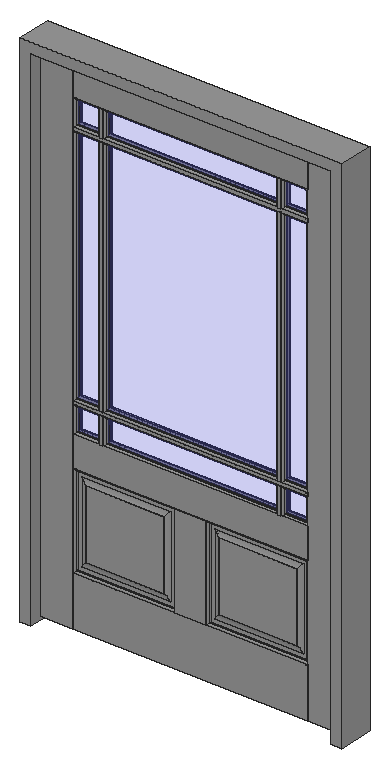
Revit family "V1200MERHAPPY", category Doors, host Wall, Revit 2015
Parameters (values of type "V1200MERHAPPY")
  Function = Interior
  Frame Projection Ext. = 25 mm
  Frame Projection Int. = 25 mm
  Frame Width = 75 mm
  Height = 2090 mm
  Wall Closure = By host
  Width = 1284 mm
Reference planes
  plane 1: y = 0
  plane 2 "Center (Left/Right)": x = 0
  plane 3 "Left": x = -642
  plane 4 "Right": x = 642
  plane 5: z = 2090
  plane 6 "Exterior": y = 75
  plane 7 "Interior": y = -75
Forms (mm)
  Sweep 1, solid, material "Lauan, Meranti"
    path origin (0, 75, 0) x (1, 0, 0) y (0, 0, 1)
      loop
        line (642, 0) -> (642, 2090) -> (-642, 2090) -> (-642, 0)
    profile "Van Acht 140x42 Pivot Door Frame Profile : Van Acht 140x42 Pivot Door Frame Profile" origin (642, 75, 1045) x (-1, 0, 0) y (0, -1, 0)
      loop
        line (0, 5) -> (42, 5) -> (42, 145) -> (0, 145) -> (0, 5)
  Extrusion 2, solid, material "Lauan, Meranti"
    sketch origin (193.5, -112.5, -4) x (0, 1, 0) y (0, 0, 1)
      loop
        line (122.5, 230) -> (122.5, 215) -> (102.5, 215) -> (102.5, 230) -> (98, 230) -> (98, 228)
        arc (98, 228) -> (93.634, 225.67) -> (92, 221) r 6.807
        line (92, 221) -> (90, 221) -> (90, 20) -> (135, 20) -> (135, 221) -> (133, 221)
        arc (133, 221) -> (131.366, 225.67) -> (127, 228) r 6.807
        line (127, 228) -> (127, 230) -> (122.5, 230)
      loop
        line (122.5, 600) -> (122.5, 585) -> (127, 585) -> (127, 587)
        arc (127, 587) -> (131.366, 589.33) -> (133, 594) r 6.807
        line (133, 594) -> (135, 594) -> (135, 716) -> (102.5, 716) -> (102.5, 725) -> (98, 725) -> (98, 723)
        arc (98, 723) -> (93.634, 720.67) -> (92, 716) r 6.807
        line (92, 716) -> (90, 716) -> (90, 594) -> (92, 594)
        arc (92, 594) -> (93.634, 589.33) -> (98, 587) r 6.807
        line (98, 587) -> (98, 585) -> (102.5, 585) -> (102.5, 600) -> (122.5, 600)
      loop
        line (135, 2052) -> (90, 2052) -> (90, 1921) -> (92, 1921)
        arc (92, 1921) -> (93.634, 1916.33) -> (98, 1914) r 6.807
        line (98, 1914) -> (98, 1912) -> (102.5, 1912) -> (102.5, 1921) -> (135, 1921) -> (135, 2052)
      loop
        line (102.5, 1814) -> (102.5, 1823) -> (98, 1823) -> (98, 1821)
        arc (98, 1821) -> (93.634, 1818.67) -> (92, 1814) r 6.807
        line (92, 1814) -> (90, 1814) -> (90, 1801) -> (92, 1801)
        arc (92, 1801) -> (93.634, 1796.33) -> (98, 1794) r 6.807
        line (98, 1794) -> (98, 1792) -> (102.5, 1792) -> (102.5, 1801) -> (135, 1801) -> (135, 1814) -> (102.5, 1814)
      loop
        line (102.5, 836) -> (102.5, 845) -> (98, 845) -> (98, 843)
        arc (98, 843) -> (93.634, 840.67) -> (92, 836) r 6.807
        line (92, 836) -> (90, 836) -> (90, 823) -> (92, 823)
        arc (92, 823) -> (93.634, 818.33) -> (98, 816) r 6.807
        line (98, 816) -> (98, 814) -> (102.5, 814) -> (102.5, 823) -> (135, 823) -> (135, 836) -> (102.5, 836)
    from -662.5 to 275.5
  Extrusion 3, solid, material "Lauan, Meranti"
    sketch origin (193.5, -27.5, -4) x (1, 0, 0) y (0, 1, 0)
      loop
        line (-793.5, 50) -> (-793.5, 5) -> (-662.5, 5) -> (-662.5, 7)
        arc (-662.5, 7) -> (-657.765, 8.56) -> (-655.5, 13) r 6.549
        line (-655.5, 13) -> (-653.5, 13) -> (-653.5, 17.5) -> (-668.5, 17.5) -> (-668.5, 37.5) -> (-653.5, 37.5) -> (-653.5, 42) -> (-655.5, 42)
        arc (-655.5, 42) -> (-657.765, 46.44) -> (-662.5, 48) r 6.549
        line (-662.5, 48) -> (-662.5, 50) -> (-793.5, 50)
      loop
        line (406.5, 50) -> (275.5, 50) -> (275.5, 48)
        arc (275.5, 48) -> (270.765, 46.44) -> (268.5, 42) r 6.549
        line (268.5, 42) -> (266.5, 42) -> (266.5, 37.5) -> (281.5, 37.5) -> (281.5, 17.5) -> (266.5, 17.5) -> (266.5, 13) -> (268.5, 13)
        arc (268.5, 13) -> (270.765, 8.56) -> (275.5, 7) r 6.549
        line (275.5, 7) -> (275.5, 5) -> (406.5, 5) -> (406.5, 50)
    from 20 to 716
  Sweep 4, solid, material "Lauan, Meranti"
    path origin (193.5, 47.5, -4) x (1, 0, 0) y (0, 0, 1)
      loop
        line (275.5, 594) -> (-132.5, 594) -> (-132.5, 221) -> (275.5, 221) -> (275.5, 594)
    profile origin (265, 47.5, 590) x (0, 0, -1) y (0, -1, 0)
      loop
        line (-4.5, 57.5) -> (-4.5, 37.5) -> (25.727, 37.5)
        arc (25.727, 37.5) -> (37.468, 35.847) -> (48.5, 31.5) r 50.456
        line (48.5, 31.5) -> (48.5, 63.5)
        arc (48.5, 63.5) -> (37.468, 59.153) -> (25.727, 57.5) r 50.456
        line (25.727, 57.5) -> (-4.5, 57.5)
  Extrusion 5, solid, material "Lauan, Meranti"
    sketch origin (193.5, 47.5, -4) x (1, 0, 0) y (0, 0, 1)
      loop
        line (227, 545.5) -> (-84, 545.5) -> (-84, 269.5) -> (227, 269.5) -> (227, 545.5)
    from 31.5 to 63.5
  Extrusion 6, solid, material "Lauan, Meranti"
    sketch origin (0, 0, 0) x (1, 0, 0) y (0, 1, 0)
      loop
        line (61, -22.5) -> (61, -20.5)
        arc (61, -20.5) -> (65.735, -18.94) -> (68, -14.5) r 6.549
        line (68, -14.5) -> (70, -14.5) -> (70, -10) -> (55, -10) -> (55, 10) -> (70, 10) -> (70, 14.5) -> (68, 14.5)
        arc (68, 14.5) -> (65.735, 18.94) -> (61, 20.5) r 6.549
        line (61, 20.5) -> (61, 22.5) -> (-61, 22.5) -> (-61, 20.5)
        arc (-61, 20.5) -> (-65.735, 18.94) -> (-68, 14.5) r 6.549
        line (-68, 14.5) -> (-70, 14.5) -> (-70, 10) -> (-55, 10) -> (-55, -10) -> (-70, -10) -> (-70, -14.5) -> (-68, -14.5)
        arc (-68, -14.5) -> (-65.735, -18.94) -> (-61, -20.5) r 6.549
        line (-61, -20.5) -> (-61, -22.5) -> (61, -22.5)
    from 217 to 590
  Sweep 7, solid, material "Lauan, Meranti"
    path origin (-336.5, 47.5, -4) x (1, 0, 0) y (0, 0, 1)
      loop
        line (275.5, 594) -> (-132.5, 594) -> (-132.5, 221) -> (275.5, 221) -> (275.5, 594)
    profile origin (-265, 47.5, 590) x (0, 0, -1) y (0, -1, 0)
      loop
        line (-4.5, 57.5) -> (-4.5, 37.5) -> (25.727, 37.5)
        arc (25.727, 37.5) -> (37.468, 35.847) -> (48.5, 31.5) r 50.456
        line (48.5, 31.5) -> (48.5, 63.5)
        arc (48.5, 63.5) -> (37.468, 59.153) -> (25.727, 57.5) r 50.456
        line (25.727, 57.5) -> (-4.5, 57.5)
  Extrusion 8, solid, material "Lauan, Meranti"
    sketch origin (-336.5, 47.5, -4) x (1, 0, 0) y (0, 0, 1)
      loop
        line (227, 545.5) -> (-84, 545.5) -> (-84, 269.5) -> (227, 269.5) -> (227, 545.5)
    from 31.5 to 63.5
  Extrusion 9, solid, material "Lauan, Meranti"
    sketch origin (0, 0, 0) x (1, 0, 0) y (0, 1, 0)
      loop
        line (-469, 22.5) -> (-600, 22.5) -> (-600, -22.5) -> (-469, -22.5) -> (-469, -20.5)
        arc (-469, -20.5) -> (-464.265, -18.94) -> (-462, -14.5) r 6.549
        line (-462, -14.5) -> (-460, -14.5) -> (-460, -10) -> (-469, -10) -> (-469, 22.5)
      loop
        line (469, 22.5) -> (469, -10) -> (460, -10) -> (460, -14.5) -> (462, -14.5)
        arc (462, -14.5) -> (464.265, -18.94) -> (469, -20.5) r 6.549
        line (469, -20.5) -> (469, -22.5) -> (600, -22.5) -> (600, 22.5) -> (469, 22.5)
    from 712 to 2048
  Extrusion 10, solid, material "Lauan, Meranti"
    sketch origin (0, 0, 0) x (1, 0, 0) y (0, 1, 0)
      loop
        arc (-349, -20.5) -> (-344.265, -18.94) -> (-342, -14.5) r 6.549
        line (-342, -14.5) -> (-340, -14.5) -> (-340, -10) -> (-349, -10) -> (-349, 22.5) -> (-362, 22.5) -> (-362, -10) -> (-371, -10) -> (-371, -14.5) -> (-369, -14.5)
        arc (-369, -14.5) -> (-366.735, -18.94) -> (-362, -20.5) r 6.549
        line (-362, -20.5) -> (-362, -22.5) -> (-349, -22.5) -> (-349, -20.5)
      loop
        line (349, -20.5) -> (349, -22.5) -> (362, -22.5) -> (362, -20.5)
        arc (362, -20.5) -> (366.735, -18.94) -> (369, -14.5) r 6.549
        line (369, -14.5) -> (371, -14.5) -> (371, -10) -> (362, -10) -> (362, 22.5) -> (349, 22.5) -> (349, -10) -> (340, -10) -> (340, -14.5) -> (342, -14.5)
        arc (342, -14.5) -> (344.265, -18.94) -> (349, -20.5) r 6.549
    from 1810 to 1917
  Extrusion 11, solid, material "Lauan, Meranti"
    sketch origin (0, 0, -120) x (1, 0, 0) y (0, 1, 0)
      loop
        arc (-349, -20.5) -> (-344.265, -18.94) -> (-342, -14.5) r 6.549
        line (-342, -14.5) -> (-340, -14.5) -> (-340, -10) -> (-349, -10) -> (-349, 22.5) -> (-362, 22.5) -> (-362, -10) -> (-371, -10) -> (-371, -14.5) -> (-369, -14.5)
        arc (-369, -14.5) -> (-366.735, -18.94) -> (-362, -20.5) r 6.549
        line (-362, -20.5) -> (-362, -22.5) -> (-349, -22.5) -> (-349, -20.5)
      loop
        line (349, -20.5) -> (349, -22.5) -> (362, -22.5) -> (362, -20.5)
        arc (362, -20.5) -> (366.735, -18.94) -> (369, -14.5) r 6.549
        line (369, -14.5) -> (371, -14.5) -> (371, -10) -> (362, -10) -> (362, 22.5) -> (349, 22.5) -> (349, -10) -> (340, -10) -> (340, -14.5) -> (342, -14.5)
        arc (342, -14.5) -> (344.265, -18.94) -> (349, -20.5) r 6.549
    from 952 to 1917
  Extrusion 12, solid, material "Lauan, Meranti"
    sketch origin (0, 0, -1098) x (1, 0, 0) y (0, 1, 0)
      loop
        arc (-349, -20.5) -> (-344.265, -18.94) -> (-342, -14.5) r 6.549
        line (-342, -14.5) -> (-340, -14.5) -> (-340, -10) -> (-349, -10) -> (-349, 22.5) -> (-362, 22.5) -> (-362, -10) -> (-371, -10) -> (-371, -14.5) -> (-369, -14.5)
        arc (-369, -14.5) -> (-366.735, -18.94) -> (-362, -20.5) r 6.549
        line (-362, -20.5) -> (-362, -22.5) -> (-349, -22.5) -> (-349, -20.5)
      loop
        line (349, -20.5) -> (349, -22.5) -> (362, -22.5) -> (362, -20.5)
        arc (362, -20.5) -> (366.735, -18.94) -> (369, -14.5) r 6.549
        line (369, -14.5) -> (371, -14.5) -> (371, -10) -> (362, -10) -> (362, 22.5) -> (349, 22.5) -> (349, -10) -> (340, -10) -> (340, -14.5) -> (342, -14.5)
        arc (342, -14.5) -> (344.265, -18.94) -> (349, -20.5) r 6.549
    from 1810 to 1917
  Extrusion 13, solid, material "Glass"
    sketch origin (243.903, -113.1, 97) x (-1, 0, 0) y (0, 0, -1)
      loop
        line (-225.097, -1820) -> (-118.097, -1820) -> (-118.097, -1713) -> (-225.097, -1713) -> (-225.097, -1820)
    from -112.5 to -106.1
  Sweep 14, solid, material "Lauan, Meranti"
    path origin (158.495, 108.5, -39) x (-1, 0, 0) y (0, 0, 1)
      loop
        line (-310.505, 1956) -> (-310.505, 1849) -> (-203.505, 1849) -> (-203.505, 1956) -> (-310.505, 1956)
    profile origin (415.5, 108.5, 1917) x (0, 0, 1) y (0, 1, 0)
      loop
        line (-9, -106.1) -> (0, -106.1) -> (0, -98.1)
        arc (0, -98.1) -> (-4.67, -99.734) -> (-7, -104.1) r 6.807
        line (-7, -104.1) -> (-9, -104.1) -> (-9, -106.1)
  Extrusion 15, solid, material "Glass"
    sketch origin (-587.097, -113.1, 97) x (-1, 0, 0) y (0, 0, -1)
      loop
        line (-225.097, -1820) -> (-118.097, -1820) -> (-118.097, -1713) -> (-225.097, -1713) -> (-225.097, -1820)
    from -112.5 to -106.1
  Extrusion 16, solid, material "Glass"
    sketch origin (-587.097, -113.1, -1001) x (-1, 0, 0) y (0, 0, -1)
      loop
        line (-225.097, -1820) -> (-118.097, -1820) -> (-118.097, -1713) -> (-225.097, -1713) -> (-225.097, -1820)
    from -112.5 to -106.1
  Extrusion 17, solid, material "Glass"
    sketch origin (243.903, -113.1, -1001) x (-1, 0, 0) y (0, 0, -1)
      loop
        line (-225.097, -1820) -> (-118.097, -1820) -> (-118.097, -1713) -> (-225.097, -1713) -> (-225.097, -1820)
    from -112.5 to -106.1
  Extrusion 18, solid, material "Glass"
    sketch origin (243.903, -113.1, -881) x (-1, 0, 0) y (0, 0, -1)
      loop
        line (-225.097, -2678) -> (-118.097, -2678) -> (-118.097, -1713) -> (-225.097, -1713) -> (-225.097, -2678)
    from -112.5 to -106.1
  Extrusion 19, solid, material "Glass"
    sketch origin (123.903, -113.1, -1001) x (-1, 0, 0) y (0, 0, -1)
      loop
        line (-225.097, -1820) -> (472.903, -1820) -> (472.903, -1713) -> (-225.097, -1713) -> (-225.097, -1820)
    from -112.5 to -106.1
  Extrusion 20, solid, material "Glass"
    sketch origin (-587.097, -113.1, -881) x (-1, 0, 0) y (0, 0, -1)
      loop
        line (-225.097, -2678) -> (-118.097, -2678) -> (-118.097, -1713) -> (-225.097, -1713) -> (-225.097, -2678)
    from -112.5 to -106.1
  Extrusion 21, solid, material "Glass"
    sketch origin (123.903, -113.1, 97) x (-1, 0, 0) y (0, 0, -1)
      loop
        line (-225.097, -1820) -> (472.903, -1820) -> (472.903, -1713) -> (-225.097, -1713) -> (-225.097, -1820)
    from -112.5 to -106.1
  Extrusion 22, solid, material "Glass"
    sketch origin (123.903, -113.1, -881) x (-1, 0, 0) y (0, 0, -1)
      loop
        line (-225.097, -2678) -> (472.903, -2678) -> (472.903, -1713) -> (-225.097, -1713) -> (-225.097, -2678)
    from -112.5 to -106.1
  Sweep 23, solid, material "Lauan, Meranti"
    path origin (38.495, 108.5, -39) x (-1, 0, 0) y (0, 0, 1)
      loop
        line (-310.505, 1956) -> (-310.505, 1849) -> (387.495, 1849) -> (387.495, 1956) -> (-310.505, 1956)
    profile origin (0, 108.5, 1917) x (0, 0, 1) y (0, 1, 0)
      loop
        line (-9, -106.1) -> (0, -106.1) -> (0, -98.1)
        arc (0, -98.1) -> (-4.67, -99.734) -> (-7, -104.1) r 6.807
        line (-7, -104.1) -> (-9, -104.1) -> (-9, -106.1)
  Sweep 24, solid, material "Lauan, Meranti"
    path origin (38.495, 108.5, -159) x (-1, 0, 0) y (0, 0, 1)
      loop
        line (-310.505, 1956) -> (-310.505, 991) -> (387.495, 991) -> (387.495, 1956) -> (-310.505, 1956)
    profile origin (0, 108.5, 1797) x (0, 0, 1) y (0, 1, 0)
      loop
        line (-9, -106.1) -> (0, -106.1) -> (0, -98.1)
        arc (0, -98.1) -> (-4.67, -99.734) -> (-7, -104.1) r 6.807
        line (-7, -104.1) -> (-9, -104.1) -> (-9, -106.1)
  Sweep 25, solid, material "Lauan, Meranti"
    path origin (158.495, 108.5, -159) x (-1, 0, 0) y (0, 0, 1)
      loop
        line (-310.505, 1956) -> (-310.505, 991) -> (-203.505, 991) -> (-203.505, 1956) -> (-310.505, 1956)
    profile origin (415.5, 108.5, 1797) x (0, 0, 1) y (0, 1, 0)
      loop
        line (-9, -106.1) -> (0, -106.1) -> (0, -98.1)
        arc (0, -98.1) -> (-4.67, -99.734) -> (-7, -104.1) r 6.807
        line (-7, -104.1) -> (-9, -104.1) -> (-9, -106.1)
  Sweep 26, solid, material "Lauan, Meranti"
    path origin (-672.495, 108.5, -38.989) x (-1, 0, 0) y (0, 0, 1)
      loop
        line (-310.505, 1956) -> (-310.505, 1849) -> (-203.505, 1849) -> (-203.505, 1956) -> (-310.505, 1956)
    profile origin (-415.49, 108.5, 1917.011) x (0, 0, 1) y (0, 1, 0)
      loop
        line (-9, -106.1) -> (0, -106.1) -> (0, -98.1)
        arc (0, -98.1) -> (-4.67, -99.734) -> (-7, -104.1) r 6.807
        line (-7, -104.1) -> (-9, -104.1) -> (-9, -106.1)
  Sweep 27, solid, material "Lauan, Meranti"
    path origin (-672.495, 108.5, -1136.989) x (-1, 0, 0) y (0, 0, 1)
      loop
        line (-310.505, 1956) -> (-310.505, 1849) -> (-203.505, 1849) -> (-203.505, 1956) -> (-310.505, 1956)
    profile origin (-415.49, 108.5, 819.011) x (0, 0, 1) y (0, 1, 0)
      loop
        line (-9, -106.1) -> (0, -106.1) -> (0, -98.1)
        arc (0, -98.1) -> (-4.67, -99.734) -> (-7, -104.1) r 6.807
        line (-7, -104.1) -> (-9, -104.1) -> (-9, -106.1)
  Sweep 28, solid, material "Lauan, Meranti"
    path origin (158.505, 108.5, -1136.989) x (-1, 0, 0) y (0, 0, 1)
      loop
        line (-310.505, 1956) -> (-310.505, 1849) -> (-203.505, 1849) -> (-203.505, 1956) -> (-310.505, 1956)
    profile origin (415.51, 108.5, 819.011) x (0, 0, 1) y (0, 1, 0)
      loop
        line (-9, -106.1) -> (0, -106.1) -> (0, -98.1)
        arc (0, -98.1) -> (-4.67, -99.734) -> (-7, -104.1) r 6.807
        line (-7, -104.1) -> (-9, -104.1) -> (-9, -106.1)
  Sweep 29, solid, material "Lauan, Meranti"
    path origin (38.495, 108.5, -1137) x (-1, 0, 0) y (0, 0, 1)
      loop
        line (-310.505, 1956) -> (-310.505, 1849) -> (387.495, 1849) -> (387.495, 1956) -> (-310.505, 1956)
    profile origin (0, 108.5, 819) x (0, 0, 1) y (0, 1, 0)
      loop
        line (-9, -106.1) -> (0, -106.1) -> (0, -98.1)
        arc (0, -98.1) -> (-4.67, -99.734) -> (-7, -104.1) r 6.807
        line (-7, -104.1) -> (-9, -104.1) -> (-9, -106.1)
  Sweep 30, solid, material "Lauan, Meranti"
    path origin (-672.505, 108.5, -159) x (-1, 0, 0) y (0, 0, 1)
      loop
        line (-310.505, 1956) -> (-310.505, 991) -> (-203.505, 991) -> (-203.505, 1956) -> (-310.505, 1956)
    profile origin (-415.5, 108.5, 1797) x (0, 0, 1) y (0, 1, 0)
      loop
        line (-9, -106.1) -> (0, -106.1) -> (0, -98.1)
        arc (0, -98.1) -> (-4.67, -99.734) -> (-7, -104.1) r 6.807
        line (-7, -104.1) -> (-9, -104.1) -> (-9, -106.1)
Cuts and joins
  joined: Extrusion 3, Extrusion 9
Lines and regions (mm)
  Opening 1
    outline origin (-3050, -75, 0) x (1, 0, 0) y (0, 0, 1)
      loop
        line (2408, 0) -> (3692, 0) -> (3692, 2090) -> (2408, 2090) -> (2408, 0)
  symbolic lines, style "Elevation Swing"
    curve 1: line (642, -75, 1045) -> (-300, -75, 2048)
    curve 2: line (642, -75, 1045) -> (-300, -75, 0)
    curve 3: line (-600, -75, 1045) -> (-300, -75, 2048)
    curve 4: line (-600, -75, 1045) -> (-300, -75, 0)
  model lines
    curve 5: line (-600, 22.5, 0) -> (600, 22.5, 0)
    curve 6: line (-600, -22.5, 0) -> (600, -22.5, 0)
    curve 7: line (-300, 22.5, 0) -> (-300, 922.5, 0)
    curve 8: arc (600, 22.5, 0) -> (336.396, 658.896, 0) -> (-300, 922.5, 0) r 900
    curve 9: line (-300, -22.5, 0) -> (-300, -322.5, 0)
    curve 10: arc (-300, -322.5, 0) -> (-512.132, -234.632, 0) -> (-600, -22.5, 0) r 300
  model lines, style "Elevation Swing"
    curve 11: line (-300, 0, 0) -> (-300, 0, 2048)
Text (mm)
  text "Exterior" at (-2295.016, 1099.543, 0), in view "Ref. Level"
  text "Exterior" at (0, 1615.38, 3698.081), in view "Left"
  text "Exterior" at (0, 1036.032, 3874.932), in view "Right"
Dimensions and locks
  equal spacing: plane 3 "Left", plane 2 "Center (Left/Right)", plane 4 "Right"
  "Width": plane 3 "Left" to plane 4 "Right"
  "Height": plane 5 to host wall
  equal spacing: host wall, curve 2, plane 5
  host wall to plane 5 = 2090 mm
  locked: plane 6 "Exterior" to host wall at 0
  locked: plane 7 "Interior" to host wall
  aligned and locked: plane 3 "Left" to Opening 1 sketch curve
  aligned and locked: plane 5 to Opening 1 sketch curve  (x2)
  aligned and locked: Opening 1 sketch curve to plane 4 "Right"
  aligned and locked: Opening 1 sketch curve to level
  aligned and locked: plane 1 to host wall
  aligned and locked: Extrusion 6 to Extrusion 2  (x2)
  aligned and locked: Extrusion 9 to Sweep 1
  aligned and locked: Extrusion 10 to Extrusion 2  (x2)
  aligned and locked: Extrusion 12 to Extrusion 2  (x2)
  aligned and locked: Extrusion 11 to Extrusion 2  (x2)
  aligned and locked: Extrusion 13 to Extrusion 2  (x2)
  aligned and locked: Extrusion 13 to Extrusion 10
  aligned and locked: Extrusion 2 to Extrusion 13
  aligned and locked: Extrusion 18 to Extrusion 2
  aligned and locked: Extrusion 19 to Extrusion 10
  aligned and locked: Extrusion 22 to Extrusion 2
  aligned and locked: Extrusion 10 to Sweep 14 sketch curve
  aligned and locked: Extrusion 2 to Sweep 14 sketch curve
  aligned and locked: cut or joined group of Extrusion 3, Extrusion 9 to Sweep 14 sketch curve
  aligned and locked: Sweep 14 sketch curve to Extrusion 2
  aligned and locked: Extrusion 2 to Sweep 24 sketch curve
  aligned and locked: Sweep 24 sketch curve to Extrusion 11
  aligned and locked: Sweep 23 sketch curve to Extrusion 10
Automatic sketch dimensions
  curve 11 to level = 0 mm
  curve 2 to level = 0 mm
  plane 4 "Right" to curve 2 = 0 mm
  plane 5 to curve 11 = 42 mm
  curve 1 to curve 11 = 0 mm  (x2)
  curve 11 to plane 2 "Center (Left/Right)" = 300 mm
  curve 2 to curve 11 = 0 mm
  plane 3 "Left" to Sweep 1 sketch curve = 0 mm
  plane 4 "Right" to Sweep 1 sketch curve = 0 mm
  Sweep 1 sketch curve to level = 0 mm  (x2)
  Sweep 1 sketch curve to plane 5 = 0 mm
  curve 4 to level = 0 mm
  curve 4 to plane 3 "Left" = 42 mm
  level to curve 4 = 1045 mm
  curve 4 to plane 2 "Center (Left/Right)" = 300 mm
  plane 5 to curve 3 = 42 mm
  curve 3 to plane 2 "Center (Left/Right)" = 300 mm
  curve 6 to plane 3 "Left" = 42 mm
  curve 7 to plane 2 "Center (Left/Right)" = 300 mm
  curve 10 to curve 8 = 0 mm
  plane 4 "Right" to curve 5 = 42 mm
  host wall to curve 9 = 247.5 mm
  curve 5 to host wall = 22.5 mm
  curve 5 to plane 3 "Left" = 42 mm
  plane 4 "Right" to curve 6 = 42 mm
  host wall to Extrusion 2 sketch curve = 22.5 mm  (x5)
  Extrusion 2 sketch curve to Extrusion 2 sketch curve = 2 mm  (x19)
  Extrusion 2 sketch curve to Extrusion 2 sketch curve = 6 mm  (x10)
  Extrusion 2 sketch curve to Extrusion 2 sketch curve = 0.803 mm  (x7)
  Extrusion 2 sketch curve to Extrusion 2 sketch curve = 6.803 mm  (x3)
  Extrusion 2 sketch curve to Extrusion 2 sketch curve = 3.697 mm  (x8)
  Extrusion 2 sketch curve to Extrusion 2 sketch curve = 4.5 mm  (x4)
  Extrusion 2 sketch curve to host wall = 10 mm  (x2)
  Extrusion 2 sketch curve to host wall = 22.5 mm  (x4)
  level to Extrusion 2 sketch curve = 16 mm
  Extrusion 2 sketch curve to Extrusion 2 sketch curve = 195 mm
  Extrusion 2 sketch curve to Extrusion 2 sketch curve = 0.241 mm  (x7)
  Extrusion 2 sketch curve to Extrusion 2 sketch curve = 355 mm
  Extrusion 2 sketch curve to Extrusion 2 sketch curve = 0 mm  (x3)
  Extrusion 2 sketch curve to Extrusion 2 sketch curve = 6.759 mm  (x5)
  Extrusion 2 sketch curve to Extrusion 2 sketch curve = 6.241 mm
  Extrusion 2 sketch curve to Extrusion 2 sketch curve = 116 mm
  Extrusion 2 sketch curve to Extrusion 2 sketch curve = 89 mm  (x2)
  Extrusion 2 sketch curve to Extrusion 2 sketch curve = 9 mm
  Extrusion 2 sketch curve to Extrusion 2 sketch curve = 13 mm  (x3)
  plane 5 to Extrusion 2 sketch curve = 302 mm
  plane 5 to Extrusion 2 sketch curve = 42 mm
  Extrusion 3 sketch curve to plane 3 "Left" = 42 mm
  host wall to Extrusion 3 sketch curve = 10 mm  (x2)
  Extrusion 3 sketch curve to Extrusion 3 sketch curve = 125 mm
  Extrusion 3 sketch curve to Extrusion 3 sketch curve = 6 mm  (x2)
  Extrusion 3 sketch curve to Extrusion 3 sketch curve = 0.473 mm  (x4)
  Extrusion 3 sketch curve to Extrusion 3 sketch curve = 6.527 mm  (x4)
  Extrusion 3 sketch curve to Extrusion 3 sketch curve = 2 mm  (x8)
  Extrusion 3 sketch curve to host wall = 14.5 mm
  plane 4 "Right" to Extrusion 3 sketch curve = 182 mm
  Extrusion 3 sketch curve to Extrusion 3 sketch curve = 0 mm
  Extrusion 3 sketch curve to Extrusion 3 sketch curve = 6.473 mm
  plane 4 "Right" to Extrusion 3 sketch curve = 42 mm
  Extrusion 3 sketch curve to Extrusion 3 sketch curve = 3.968 mm  (x3)
  Extrusion 3 sketch curve to Extrusion 3 sketch curve = 4.5 mm  (x3)
  Extrusion 3 sketch curve to host wall = 10 mm  (x2)
  Extrusion 3 sketch curve to Extrusion 3 sketch curve = 0.532 mm
  plane 2 "Center (Left/Right)" to Sweep 4 sketch curve = 61 mm
  plane 4 "Right" to Sweep 4 sketch curve = 173 mm
  level to Sweep 4 sketch curve = 217 mm
  Sweep 4 sketch curve to Sweep 4 sketch curve = 373 mm
  profile plane to Sweep 4 sketch curve = 4.5 mm
  Sweep 4 sketch curve to profile plane = 24.613 mm  (x2)
  Sweep 4 sketch curve to profile plane = 25.727 mm
  Sweep 4 sketch curve to Sweep 4 sketch curve = 0 mm
  Sweep 4 sketch curve to Sweep 4 sketch curve = 22.773 mm
  Sweep 4 sketch curve to profile plane = 12.944 mm
  profile plane to Sweep 4 sketch curve = 31.5 mm
  Sweep 4 sketch curve to Sweep 4 sketch curve = 20 mm
  Sweep 4 sketch curve to Sweep 4 sketch curve = 6 mm
  plane 2 "Center (Left/Right)" to Extrusion 5 sketch curve = 109.5 mm
  plane 4 "Right" to Extrusion 5 sketch curve = 221.5 mm
  level to Extrusion 5 sketch curve = 265.5 mm
  Extrusion 5 sketch curve to Extrusion 5 sketch curve = 276 mm
  Extrusion 6 sketch curve to host wall = 10 mm  (x2)
  Extrusion 6 sketch curve to plane 2 "Center (Left/Right)" = 70 mm
  Extrusion 6 sketch curve to Extrusion 6 sketch curve = 0 mm
  Extrusion 6 sketch curve to Extrusion 6 sketch curve = 2 mm  (x6)
  Extrusion 6 sketch curve to Extrusion 6 sketch curve = 6.527 mm  (x4)
  Extrusion 6 sketch curve to Extrusion 6 sketch curve = 0.473 mm  (x4)
  Extrusion 6 sketch curve to Extrusion 6 sketch curve = 6.473 mm
  plane 2 "Center (Left/Right)" to Extrusion 6 sketch curve = 55 mm
  Extrusion 6 sketch curve to Extrusion 6 sketch curve = 6 mm  (x2)
  host wall to Extrusion 6 sketch curve = 10 mm  (x2)
  Extrusion 6 sketch curve to Extrusion 6 sketch curve = 3.968 mm  (x4)
  Extrusion 6 sketch curve to Extrusion 6 sketch curve = 4.5 mm  (x4)
  Sweep 7 sketch curve to plane 3 "Left" = 173 mm
  Sweep 7 sketch curve to plane 2 "Center (Left/Right)" = 61 mm
  level to Sweep 7 sketch curve = 217 mm
  Sweep 7 sketch curve to Sweep 7 sketch curve = 373 mm
  profile plane to Sweep 7 sketch curve = 4.5 mm
  Sweep 7 sketch curve to profile plane = 24.613 mm  (x2)
  Sweep 7 sketch curve to profile plane = 25.727 mm
  Sweep 7 sketch curve to Sweep 7 sketch curve = 0 mm
  Sweep 7 sketch curve to Sweep 7 sketch curve = 22.773 mm
  Sweep 7 sketch curve to profile plane = 12.944 mm
  profile plane to Sweep 7 sketch curve = 31.5 mm
  Sweep 7 sketch curve to Sweep 7 sketch curve = 20 mm
  Sweep 7 sketch curve to Sweep 7 sketch curve = 6 mm
  Extrusion 8 sketch curve to plane 3 "Left" = 221.5 mm
  Extrusion 8 sketch curve to plane 2 "Center (Left/Right)" = 109.5 mm
  level to Extrusion 8 sketch curve = 265.5 mm
  Extrusion 8 sketch curve to Extrusion 8 sketch curve = 276 mm
  Extrusion 9 sketch curve to plane 3 "Left" = 42 mm
  host wall to Extrusion 9 sketch curve = 20.5 mm
  Extrusion 9 sketch curve to Extrusion 9 sketch curve = 131 mm
  Extrusion 9 sketch curve to Extrusion 9 sketch curve = 0 mm
  Extrusion 9 sketch curve to Extrusion 9 sketch curve = 0.473 mm  (x2)
  Extrusion 9 sketch curve to Extrusion 9 sketch curve = 6.527 mm  (x2)
  Extrusion 9 sketch curve to Extrusion 9 sketch curve = 2 mm  (x3)
  host wall to Extrusion 9 sketch curve = 10 mm
  plane 4 "Right" to Extrusion 9 sketch curve = 182 mm
  Extrusion 9 sketch curve to Extrusion 9 sketch curve = 9 mm
  plane 4 "Right" to Extrusion 9 sketch curve = 42 mm
  Extrusion 9 sketch curve to Extrusion 9 sketch curve = 10.5 mm
  host wall to Extrusion 9 sketch curve = 22.5 mm
  Extrusion 9 sketch curve to Extrusion 9 sketch curve = 4.5 mm
  Extrusion 9 sketch curve to Extrusion 9 sketch curve = 6 mm
  Extrusion 9 sketch curve to Extrusion 9 sketch curve = 3.968 mm
  Extrusion 9 sketch curve to host wall = 22.5 mm  (x2)
  host wall to Extrusion 10 sketch curve = 10 mm  (x2)
  Extrusion 10 sketch curve to plane 3 "Left" = 271 mm
  Extrusion 10 sketch curve to Extrusion 10 sketch curve = 2 mm  (x6)
  Extrusion 10 sketch curve to Extrusion 10 sketch curve = 6.527 mm  (x4)
  Extrusion 10 sketch curve to Extrusion 10 sketch curve = 9 mm
  Extrusion 10 sketch curve to Extrusion 10 sketch curve = 0.473 mm  (x5)
  Extrusion 10 sketch curve to Extrusion 10 sketch curve = 13 mm  (x3)
  Extrusion 10 sketch curve to Extrusion 10 sketch curve = 0 mm  (x2)
  plane 4 "Right" to Extrusion 10 sketch curve = 302 mm
  Extrusion 10 sketch curve to Extrusion 10 sketch curve = 3.968 mm  (x3)
  host wall to Extrusion 10 sketch curve = 13.968 mm
  Extrusion 10 sketch curve to Extrusion 10 sketch curve = 0.532 mm  (x2)
  Extrusion 10 sketch curve to Extrusion 10 sketch curve = 4.5 mm  (x3)
  Extrusion 10 sketch curve to host wall = 22.5 mm  (x2)
  host wall to Extrusion 11 sketch curve = 10 mm  (x2)
  Extrusion 11 sketch curve to plane 3 "Left" = 271 mm
  Extrusion 11 sketch curve to Extrusion 11 sketch curve = 2 mm  (x6)
  Extrusion 11 sketch curve to Extrusion 11 sketch curve = 6.527 mm  (x4)
  Extrusion 11 sketch curve to Extrusion 11 sketch curve = 9 mm
  Extrusion 11 sketch curve to Extrusion 11 sketch curve = 0.473 mm  (x5)
  Extrusion 11 sketch curve to Extrusion 11 sketch curve = 13 mm  (x3)
  Extrusion 11 sketch curve to Extrusion 11 sketch curve = 0 mm  (x2)
  plane 4 "Right" to Extrusion 11 sketch curve = 302 mm
  Extrusion 11 sketch curve to Extrusion 11 sketch curve = 3.968 mm  (x3)
  host wall to Extrusion 11 sketch curve = 13.968 mm
  Extrusion 11 sketch curve to Extrusion 11 sketch curve = 0.532 mm  (x2)
  Extrusion 11 sketch curve to Extrusion 11 sketch curve = 4.5 mm  (x3)
  Extrusion 11 sketch curve to host wall = 22.5 mm  (x2)
  host wall to Extrusion 12 sketch curve = 10 mm  (x2)
  Extrusion 12 sketch curve to plane 3 "Left" = 271 mm
  Extrusion 12 sketch curve to Extrusion 12 sketch curve = 2 mm  (x6)
  Extrusion 12 sketch curve to Extrusion 12 sketch curve = 6.527 mm  (x4)
  Extrusion 12 sketch curve to Extrusion 12 sketch curve = 9 mm
  Extrusion 12 sketch curve to Extrusion 12 sketch curve = 0.473 mm  (x5)
  Extrusion 12 sketch curve to Extrusion 12 sketch curve = 13 mm  (x3)
  Extrusion 12 sketch curve to Extrusion 12 sketch curve = 0 mm  (x2)
  plane 4 "Right" to Extrusion 12 sketch curve = 302 mm
  Extrusion 12 sketch curve to Extrusion 12 sketch curve = 3.968 mm  (x3)
  host wall to Extrusion 12 sketch curve = 13.968 mm
  Extrusion 12 sketch curve to Extrusion 12 sketch curve = 0.532 mm  (x2)
  Extrusion 12 sketch curve to Extrusion 12 sketch curve = 4.5 mm  (x3)
  Extrusion 12 sketch curve to host wall = 22.5 mm  (x2)
  plane 4 "Right" to Extrusion 13 sketch curve = 173 mm
  Extrusion 13 sketch curve to Extrusion 13 sketch curve = 107 mm  (x2)
  plane 5 to Extrusion 13 sketch curve = 173 mm
  profile plane to Sweep 14 sketch curve = 0 mm
  profile plane to Sweep 14 sketch curve = 0.241 mm
  Sweep 14 sketch curve to Sweep 14 sketch curve = 6.759 mm
  Sweep 14 sketch curve to Sweep 14 sketch curve = 2 mm  (x2)
  Sweep 14 sketch curve to profile plane = 106.1 mm
  Sweep 14 sketch curve to Sweep 14 sketch curve = 1.197 mm
  Extrusion 15 sketch curve to plane 3 "Left" = 280 mm
  Extrusion 15 sketch curve to Extrusion 15 sketch curve = 107 mm  (x2)
  plane 5 to Extrusion 15 sketch curve = 173 mm
  Extrusion 16 sketch curve to plane 3 "Left" = 280 mm
  Extrusion 16 sketch curve to Extrusion 16 sketch curve = 107 mm  (x2)
  level to Extrusion 16 sketch curve = 819 mm
  plane 4 "Right" to Extrusion 17 sketch curve = 173 mm
  Extrusion 17 sketch curve to Extrusion 17 sketch curve = 107 mm  (x2)
  level to Extrusion 17 sketch curve = 819 mm
  plane 4 "Right" to Extrusion 18 sketch curve = 173 mm
  Extrusion 18 sketch curve to Extrusion 18 sketch curve = 107 mm
  plane 5 to Extrusion 18 sketch curve = 293 mm
  level to Extrusion 18 sketch curve = 832 mm
  plane 4 "Right" to Extrusion 19 sketch curve = 293 mm
  Extrusion 19 sketch curve to plane 3 "Left" = 293 mm
  level to Extrusion 19 sketch curve = 819 mm
  Extrusion 19 sketch curve to Extrusion 19 sketch curve = 107 mm
  Extrusion 20 sketch curve to plane 3 "Left" = 280 mm
  Extrusion 20 sketch curve to Extrusion 20 sketch curve = 107 mm
  plane 5 to Extrusion 20 sketch curve = 293 mm
  level to Extrusion 20 sketch curve = 832 mm
  plane 4 "Right" to Extrusion 21 sketch curve = 293 mm
  Extrusion 21 sketch curve to plane 3 "Left" = 293 mm
  plane 5 to Extrusion 21 sketch curve = 173 mm
  Extrusion 21 sketch curve to Extrusion 21 sketch curve = 107 mm
  plane 4 "Right" to Extrusion 22 sketch curve = 293 mm
  Extrusion 22 sketch curve to plane 3 "Left" = 293 mm
  plane 5 to Extrusion 22 sketch curve = 293 mm
  level to Extrusion 22 sketch curve = 832 mm
  plane 4 "Right" to Sweep 23 sketch curve = 293 mm
  plane 5 to Sweep 23 sketch curve = 280 mm
  Sweep 23 sketch curve to Sweep 23 sketch curve = 107 mm
  profile plane to Sweep 23 sketch curve = 0 mm
  profile plane to Sweep 23 sketch curve = 0.241 mm
  Sweep 23 sketch curve to Sweep 23 sketch curve = 6.759 mm
  Sweep 23 sketch curve to Sweep 23 sketch curve = 2 mm  (x2)
  Sweep 23 sketch curve to profile plane = 106.1 mm
  Sweep 23 sketch curve to Sweep 23 sketch curve = 1.197 mm
  plane 4 "Right" to Sweep 24 sketch curve = 293 mm
  plane 5 to Sweep 24 sketch curve = 293 mm
  profile plane to Sweep 24 sketch curve = 0 mm
  profile plane to Sweep 24 sketch curve = 0.241 mm
  Sweep 24 sketch curve to Sweep 24 sketch curve = 6.759 mm
  Sweep 24 sketch curve to Sweep 24 sketch curve = 2 mm  (x2)
  Sweep 24 sketch curve to profile plane = 106.1 mm
  Sweep 24 sketch curve to Sweep 24 sketch curve = 1.197 mm
  plane 4 "Right" to Sweep 25 sketch curve = 173 mm
  Sweep 25 sketch curve to Sweep 25 sketch curve = 107 mm
  level to Sweep 25 sketch curve = 832 mm
  plane 5 to Sweep 25 sketch curve = 293 mm
  profile plane to Sweep 25 sketch curve = 0 mm
  profile plane to Sweep 25 sketch curve = 0.241 mm
  Sweep 25 sketch curve to Sweep 25 sketch curve = 6.759 mm
  Sweep 25 sketch curve to Sweep 25 sketch curve = 2 mm  (x2)
  Sweep 25 sketch curve to profile plane = 106.1 mm
  Sweep 25 sketch curve to Sweep 25 sketch curve = 1.197 mm
  Sweep 26 sketch curve to plane 3 "Left" = 280.01 mm
  Sweep 26 sketch curve to Sweep 26 sketch curve = 107 mm  (x2)
  plane 5 to Sweep 26 sketch curve = 279.989 mm
  profile plane to Sweep 26 sketch curve = 0 mm
  profile plane to Sweep 26 sketch curve = 0.241 mm
  Sweep 26 sketch curve to Sweep 26 sketch curve = 6.759 mm
  Sweep 26 sketch curve to Sweep 26 sketch curve = 2 mm  (x2)
  Sweep 26 sketch curve to profile plane = 106.1 mm
  Sweep 26 sketch curve to Sweep 26 sketch curve = 1.197 mm
  Sweep 27 sketch curve to plane 3 "Left" = 280.01 mm
  Sweep 27 sketch curve to Sweep 27 sketch curve = 107 mm  (x2)
  level to Sweep 27 sketch curve = 712.011 mm
  profile plane to Sweep 27 sketch curve = 0 mm
  profile plane to Sweep 27 sketch curve = 0.241 mm
  Sweep 27 sketch curve to Sweep 27 sketch curve = 6.759 mm
  Sweep 27 sketch curve to Sweep 27 sketch curve = 2 mm  (x2)
  Sweep 27 sketch curve to profile plane = 106.1 mm
  Sweep 27 sketch curve to Sweep 27 sketch curve = 1.197 mm
  plane 4 "Right" to Sweep 28 sketch curve = 172.99 mm
  Sweep 28 sketch curve to Sweep 28 sketch curve = 107 mm  (x2)
  level to Sweep 28 sketch curve = 712.011 mm
  profile plane to Sweep 28 sketch curve = 0 mm
  profile plane to Sweep 28 sketch curve = 0.241 mm
  Sweep 28 sketch curve to Sweep 28 sketch curve = 6.759 mm
  Sweep 28 sketch curve to Sweep 28 sketch curve = 2 mm  (x2)
  Sweep 28 sketch curve to profile plane = 106.1 mm
  Sweep 28 sketch curve to Sweep 28 sketch curve = 1.197 mm
  plane 4 "Right" to Sweep 29 sketch curve = 293 mm
  Sweep 29 sketch curve to plane 3 "Left" = 293 mm
  level to Sweep 29 sketch curve = 712 mm
  Sweep 29 sketch curve to Sweep 29 sketch curve = 107 mm
  profile plane to Sweep 29 sketch curve = 0 mm
  profile plane to Sweep 29 sketch curve = 0.241 mm
  Sweep 29 sketch curve to Sweep 29 sketch curve = 6.759 mm
  Sweep 29 sketch curve to Sweep 29 sketch curve = 2 mm  (x2)
  Sweep 29 sketch curve to profile plane = 106.1 mm
  Sweep 29 sketch curve to Sweep 29 sketch curve = 1.197 mm
  Sweep 30 sketch curve to plane 3 "Left" = 280 mm
  Sweep 30 sketch curve to Sweep 30 sketch curve = 107 mm
  level to Sweep 30 sketch curve = 832 mm
  plane 5 to Sweep 30 sketch curve = 293 mm
  profile plane to Sweep 30 sketch curve = 0 mm
  profile plane to Sweep 30 sketch curve = 0.241 mm
  Sweep 30 sketch curve to Sweep 30 sketch curve = 6.759 mm
  Sweep 30 sketch curve to Sweep 30 sketch curve = 2 mm  (x2)
  Sweep 30 sketch curve to profile plane = 106.1 mm
  Sweep 30 sketch curve to Sweep 30 sketch curve = 1.197 mm
